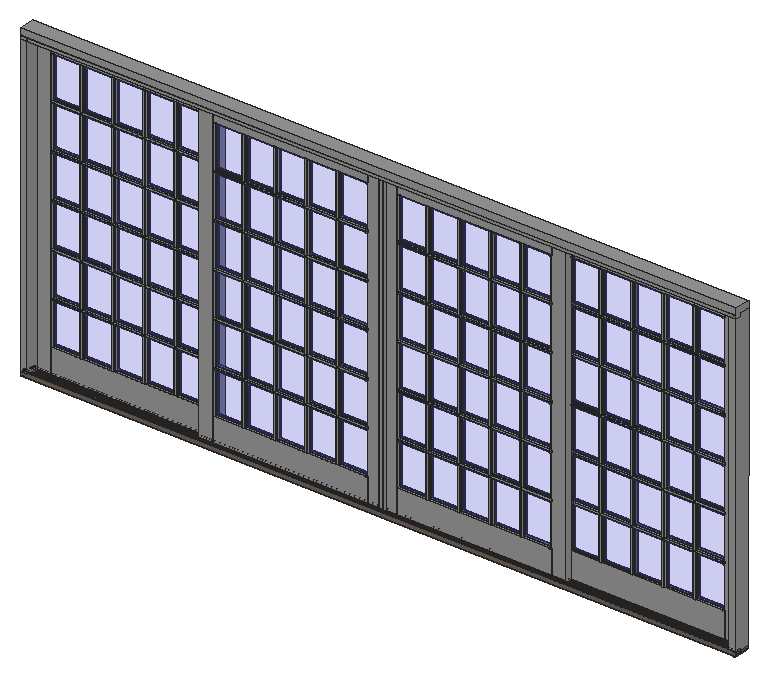
Revit family "VSDA4.8SPCO", category Doors, host Wall, Revit 2015 (continued)
Forms (mm)
  Sweep 59, solid, material "Lauan, Meranti"
    profile origin (-1038.75, -121.5, 1365) x (0, 0, -1) y (0, -1, 0)
      loop
        line (9, -124.5) -> (0, -124.5) -> (0, -132.5)
        arc (0, -132.5) -> (4.67, -130.866) -> (7, -126.5) r 6.807
        line (7, -126.5) -> (9, -126.5) -> (9, -124.5)
  Sweep 60, solid, material "Lauan, Meranti"
    path origin (-413.605, -121.5, -1375.763) x (-1, 0, 0) y (0, 0, -1)
      loop
        line (315.895, -2740.763) -> (513.395, -2740.763) -> (513.395, -2456.763) -> (315.895, -2456.763) -> (315.895, -2740.763)
    profile origin (-828.25, -121.5, 1365) x (0, 0, -1) y (0, -1, 0)
      loop
        line (9, -124.5) -> (0, -124.5) -> (0, -132.5)
        arc (0, -132.5) -> (4.67, -130.866) -> (7, -126.5) r 6.807
        line (7, -126.5) -> (9, -126.5) -> (9, -124.5)
  Sweep 61, solid, material "Lauan, Meranti"
    path origin (-203.105, -121.5, -1375.763) x (-1, 0, 0) y (0, 0, -1)
      loop
        line (315.895, -2740.763) -> (513.395, -2740.763) -> (513.395, -2456.763) -> (315.895, -2456.763) -> (315.895, -2740.763)
    profile origin (-617.75, -121.5, 1365) x (0, 0, -1) y (0, -1, 0)
      loop
        line (9, -124.5) -> (0, -124.5) -> (0, -132.5)
        arc (0, -132.5) -> (4.67, -130.866) -> (7, -126.5) r 6.807
        line (7, -126.5) -> (9, -126.5) -> (9, -124.5)
  Sweep 62, solid, material "Lauan, Meranti"
    path origin (7.395, -121.5, -1375.763) x (-1, 0, 0) y (0, 0, -1)
      loop
        line (315.895, -2740.763) -> (513.395, -2740.763) -> (513.395, -2456.763) -> (315.895, -2456.763) -> (315.895, -2740.763)
    profile origin (-407.25, -121.5, 1365) x (0, 0, -1) y (0, -1, 0)
      loop
        line (9, -124.5) -> (0, -124.5) -> (0, -132.5)
        arc (0, -132.5) -> (4.67, -130.866) -> (7, -126.5) r 6.807
        line (7, -126.5) -> (9, -126.5) -> (9, -124.5)
  Sweep 63, solid, material "Lauan, Meranti"
    path origin (217.895, -121.5, -1375.763) x (-1, 0, 0) y (0, 0, -1)
      loop
        line (315.895, -2740.763) -> (513.395, -2740.763) -> (513.395, -2456.763) -> (315.895, -2456.763) -> (315.895, -2740.763)
    profile origin (-196.75, -121.5, 1365) x (0, 0, -1) y (0, -1, 0)
      loop
        line (9, -124.5) -> (0, -124.5) -> (0, -132.5)
        arc (0, -132.5) -> (4.67, -130.866) -> (7, -126.5) r 6.807
        line (7, -126.5) -> (9, -126.5) -> (9, -124.5)
  Sweep 64, solid, material "Lauan, Meranti"
    path origin (-624.105, -121.5, -1672.763) x (-1, 0, 0) y (0, 0, -1)
      loop
        line (315.895, -2740.763) -> (513.395, -2740.763) -> (513.395, -2456.763) -> (315.895, -2456.763) -> (315.895, -2740.763)
    profile origin (-1038.75, -121.5, 1068) x (0, 0, -1) y (0, -1, 0)
      loop
        line (9, -124.5) -> (0, -124.5) -> (0, -132.5)
        arc (0, -132.5) -> (4.67, -130.866) -> (7, -126.5) r 6.807
        line (7, -126.5) -> (9, -126.5) -> (9, -124.5)
  Sweep 65, solid, material "Lauan, Meranti"
    path origin (-413.605, -121.5, -1672.763) x (-1, 0, 0) y (0, 0, -1)
      loop
        line (315.895, -2740.763) -> (513.395, -2740.763) -> (513.395, -2456.763) -> (315.895, -2456.763) -> (315.895, -2740.763)
    profile origin (-828.25, -121.5, 1068) x (0, 0, -1) y (0, -1, 0)
      loop
        line (9, -124.5) -> (0, -124.5) -> (0, -132.5)
        arc (0, -132.5) -> (4.67, -130.866) -> (7, -126.5) r 6.807
        line (7, -126.5) -> (9, -126.5) -> (9, -124.5)
  Sweep 66, solid, material "Lauan, Meranti"
    path origin (-203.105, -121.5, -1672.763) x (-1, 0, 0) y (0, 0, -1)
      loop
        line (315.895, -2740.763) -> (513.395, -2740.763) -> (513.395, -2456.763) -> (315.895, -2456.763) -> (315.895, -2740.763)
    profile origin (-617.75, -121.5, 1068) x (0, 0, -1) y (0, -1, 0)
      loop
        line (9, -124.5) -> (0, -124.5) -> (0, -132.5)
        arc (0, -132.5) -> (4.67, -130.866) -> (7, -126.5) r 6.807
        line (7, -126.5) -> (9, -126.5) -> (9, -124.5)
  Sweep 67, solid, material "Lauan, Meranti"
    path origin (7.395, -121.5, -1672.763) x (-1, 0, 0) y (0, 0, -1)
      loop
        line (315.895, -2740.763) -> (513.395, -2740.763) -> (513.395, -2456.763) -> (315.895, -2456.763) -> (315.895, -2740.763)
    profile origin (-407.25, -121.5, 1068) x (0, 0, -1) y (0, -1, 0)
      loop
        line (9, -124.5) -> (0, -124.5) -> (0, -132.5)
        arc (0, -132.5) -> (4.67, -130.866) -> (7, -126.5) r 6.807
        line (7, -126.5) -> (9, -126.5) -> (9, -124.5)
  Sweep 68, solid, material "Lauan, Meranti"
    path origin (217.895, -121.5, -1672.763) x (-1, 0, 0) y (0, 0, -1)
      loop
        line (315.895, -2740.763) -> (513.395, -2740.763) -> (513.395, -2456.763) -> (315.895, -2456.763) -> (315.895, -2740.763)
    profile origin (-196.75, -121.5, 1068) x (0, 0, -1) y (0, -1, 0)
      loop
        line (9, -124.5) -> (0, -124.5) -> (0, -132.5)
        arc (0, -132.5) -> (4.67, -130.866) -> (7, -126.5) r 6.807
        line (7, -126.5) -> (9, -126.5) -> (9, -124.5)
  Sweep 69, solid, material "Lauan, Meranti"
    path origin (-624.105, -121.5, -1969.763) x (-1, 0, 0) y (0, 0, -1)
      loop
        line (315.895, -2740.763) -> (513.395, -2740.763) -> (513.395, -2456.763) -> (315.895, -2456.763) -> (315.895, -2740.763)
    profile origin (-1038.75, -121.5, 771) x (0, 0, -1) y (0, -1, 0)
      loop
        line (9, -124.5) -> (0, -124.5) -> (0, -132.5)
        arc (0, -132.5) -> (4.67, -130.866) -> (7, -126.5) r 6.807
        line (7, -126.5) -> (9, -126.5) -> (9, -124.5)
  Sweep 70, solid, material "Lauan, Meranti"
    path origin (-413.605, -121.5, -1969.763) x (-1, 0, 0) y (0, 0, -1)
      loop
        line (315.895, -2740.763) -> (513.395, -2740.763) -> (513.395, -2456.763) -> (315.895, -2456.763) -> (315.895, -2740.763)
    profile origin (-828.25, -121.5, 771) x (0, 0, -1) y (0, -1, 0)
      loop
        line (9, -124.5) -> (0, -124.5) -> (0, -132.5)
        arc (0, -132.5) -> (4.67, -130.866) -> (7, -126.5) r 6.807
        line (7, -126.5) -> (9, -126.5) -> (9, -124.5)
  Sweep 71, solid, material "Lauan, Meranti"
    path origin (-203.105, -121.5, -1969.763) x (-1, 0, 0) y (0, 0, -1)
      loop
        line (315.895, -2740.763) -> (513.395, -2740.763) -> (513.395, -2456.763) -> (315.895, -2456.763) -> (315.895, -2740.763)
    profile origin (-617.75, -121.5, 771) x (0, 0, -1) y (0, -1, 0)
      loop
        line (9, -124.5) -> (0, -124.5) -> (0, -132.5)
        arc (0, -132.5) -> (4.67, -130.866) -> (7, -126.5) r 6.807
        line (7, -126.5) -> (9, -126.5) -> (9, -124.5)
  Sweep 72, solid, material "Lauan, Meranti"
    path origin (7.395, -121.5, -1969.763) x (-1, 0, 0) y (0, 0, -1)
      loop
        line (315.895, -2740.763) -> (513.395, -2740.763) -> (513.395, -2456.763) -> (315.895, -2456.763) -> (315.895, -2740.763)
    profile origin (-407.25, -121.5, 771) x (0, 0, -1) y (0, -1, 0)
      loop
        line (9, -124.5) -> (0, -124.5) -> (0, -132.5)
        arc (0, -132.5) -> (4.67, -130.866) -> (7, -126.5) r 6.807
        line (7, -126.5) -> (9, -126.5) -> (9, -124.5)
  Sweep 73, solid, material "Lauan, Meranti"
    path origin (217.895, -121.5, -1969.763) x (-1, 0, 0) y (0, 0, -1)
      loop
        line (315.895, -2740.763) -> (513.395, -2740.763) -> (513.395, -2456.763) -> (315.895, -2456.763) -> (315.895, -2740.763)
    profile origin (-196.75, -121.5, 771) x (0, 0, -1) y (0, -1, 0)
      loop
        line (9, -124.5) -> (0, -124.5) -> (0, -132.5)
        arc (0, -132.5) -> (4.67, -130.866) -> (7, -126.5) r 6.807
        line (7, -126.5) -> (9, -126.5) -> (9, -124.5)
  Sweep 74, solid, material "Lauan, Meranti"
    path origin (-624.105, -121.5, -2266.763) x (-1, 0, 0) y (0, 0, -1)
      loop
        line (315.895, -2740.763) -> (513.395, -2740.763) -> (513.395, -2456.763) -> (315.895, -2456.763) -> (315.895, -2740.763)
    profile origin (-1038.75, -121.5, 474) x (0, 0, -1) y (0, -1, 0)
      loop
        line (9, -124.5) -> (0, -124.5) -> (0, -132.5)
        arc (0, -132.5) -> (4.67, -130.866) -> (7, -126.5) r 6.807
        line (7, -126.5) -> (9, -126.5) -> (9, -124.5)
  Sweep 75, solid, material "Lauan, Meranti"
    path origin (-413.605, -121.5, -2266.763) x (-1, 0, 0) y (0, 0, -1)
      loop
        line (315.895, -2740.763) -> (513.395, -2740.763) -> (513.395, -2456.763) -> (315.895, -2456.763) -> (315.895, -2740.763)
    profile origin (-828.25, -121.5, 474) x (0, 0, -1) y (0, -1, 0)
      loop
        line (9, -124.5) -> (0, -124.5) -> (0, -132.5)
        arc (0, -132.5) -> (4.67, -130.866) -> (7, -126.5) r 6.807
        line (7, -126.5) -> (9, -126.5) -> (9, -124.5)
  Sweep 76, solid, material "Lauan, Meranti"
    path origin (-203.105, -121.5, -2266.763) x (-1, 0, 0) y (0, 0, -1)
      loop
        line (315.895, -2740.763) -> (513.395, -2740.763) -> (513.395, -2456.763) -> (315.895, -2456.763) -> (315.895, -2740.763)
    profile origin (-617.75, -121.5, 474) x (0, 0, -1) y (0, -1, 0)
      loop
        line (9, -124.5) -> (0, -124.5) -> (0, -132.5)
        arc (0, -132.5) -> (4.67, -130.866) -> (7, -126.5) r 6.807
        line (7, -126.5) -> (9, -126.5) -> (9, -124.5)
  Sweep 77, solid, material "Lauan, Meranti"
    path origin (7.395, -121.5, -2266.763) x (-1, 0, 0) y (0, 0, -1)
      loop
        line (315.895, -2740.763) -> (513.395, -2740.763) -> (513.395, -2456.763) -> (315.895, -2456.763) -> (315.895, -2740.763)
    profile origin (-407.25, -121.5, 474) x (0, 0, -1) y (0, -1, 0)
      loop
        line (9, -124.5) -> (0, -124.5) -> (0, -132.5)
        arc (0, -132.5) -> (4.67, -130.866) -> (7, -126.5) r 6.807
        line (7, -126.5) -> (9, -126.5) -> (9, -124.5)
  Sweep 78, solid, material "Lauan, Meranti"
    path origin (217.895, -121.5, -2266.763) x (-1, 0, 0) y (0, 0, -1)
      loop
        line (315.895, -2740.763) -> (513.395, -2740.763) -> (513.395, -2456.763) -> (315.895, -2456.763) -> (315.895, -2740.763)
    profile origin (-196.75, -121.5, 474) x (0, 0, -1) y (0, -1, 0)
      loop
        line (9, -124.5) -> (0, -124.5) -> (0, -132.5)
        arc (0, -132.5) -> (4.67, -130.866) -> (7, -126.5) r 6.807
        line (7, -126.5) -> (9, -126.5) -> (9, -124.5)
  Extrusion 79, solid, material "Lauan, Meranti"
    sketch origin (-368.5, -46.5, 0) x (-1, 0, 0) y (0, -1, 0)
      loop
        line (-73, -31) -> (-73, -33)
        arc (-73, -33) -> (-77.67, -34.634) -> (-80, -39) r 6.807
        line (-80, -39) -> (-82, -39) -> (-82, -41) -> (-73, -41) -> (-73, -71) -> (-60, -71) -> (-60, -41) -> (-51, -41) -> (-51, -39) -> (-53, -39)
        arc (-53, -39) -> (-55.33, -34.634) -> (-60, -33) r 6.807
        line (-60, -33) -> (-60, -31) -> (-73, -31)
      loop
        line (137.5, -31) -> (137.5, -33)
        arc (137.5, -33) -> (132.83, -34.634) -> (130.5, -39) r 6.807
        line (130.5, -39) -> (128.5, -39) -> (128.5, -41) -> (137.5, -41) -> (137.5, -71) -> (150.5, -71) -> (150.5, -41) -> (159.5, -41) -> (159.5, -39) -> (157.5, -39)
        arc (157.5, -39) -> (155.17, -34.634) -> (150.5, -33) r 6.807
        line (150.5, -33) -> (150.5, -31) -> (137.5, -31)
      loop
        line (348, -31) -> (348, -33)
        arc (348, -33) -> (343.33, -34.634) -> (341, -39) r 6.807
        line (341, -39) -> (339, -39) -> (339, -41) -> (348, -41) -> (348, -71) -> (361, -71) -> (361, -41) -> (370, -41) -> (370, -39) -> (368, -39)
        arc (368, -39) -> (365.67, -34.634) -> (361, -33) r 6.807
        line (361, -33) -> (361, -31) -> (348, -31)
      loop
        line (558.5, -31) -> (558.5, -33)
        arc (558.5, -33) -> (553.83, -34.634) -> (551.5, -39) r 6.807
        line (551.5, -39) -> (549.5, -39) -> (549.5, -41) -> (558.5, -41) -> (558.5, -71) -> (571.5, -71) -> (571.5, -41) -> (580.5, -41) -> (580.5, -39) -> (578.5, -39)
        arc (578.5, -39) -> (576.17, -34.634) -> (571.5, -33) r 6.807
        line (571.5, -33) -> (571.5, -31) -> (558.5, -31)
    from 1675 to 1959
  Extrusion 80, solid, material "Lauan, Meranti"
    sketch origin (-368.5, -46.5, -297) x (-1, 0, 0) y (0, -1, 0)
      loop
        line (-73, -31) -> (-73, -33)
        arc (-73, -33) -> (-77.67, -34.634) -> (-80, -39) r 6.807
        line (-80, -39) -> (-82, -39) -> (-82, -41) -> (-73, -41) -> (-73, -71) -> (-60, -71) -> (-60, -41) -> (-51, -41) -> (-51, -39) -> (-53, -39)
        arc (-53, -39) -> (-55.33, -34.634) -> (-60, -33) r 6.807
        line (-60, -33) -> (-60, -31) -> (-73, -31)
      loop
        line (137.5, -31) -> (137.5, -33)
        arc (137.5, -33) -> (132.83, -34.634) -> (130.5, -39) r 6.807
        line (130.5, -39) -> (128.5, -39) -> (128.5, -41) -> (137.5, -41) -> (137.5, -71) -> (150.5, -71) -> (150.5, -41) -> (159.5, -41) -> (159.5, -39) -> (157.5, -39)
        arc (157.5, -39) -> (155.17, -34.634) -> (150.5, -33) r 6.807
        line (150.5, -33) -> (150.5, -31) -> (137.5, -31)
      loop
        line (348, -31) -> (348, -33)
        arc (348, -33) -> (343.33, -34.634) -> (341, -39) r 6.807
        line (341, -39) -> (339, -39) -> (339, -41) -> (348, -41) -> (348, -71) -> (361, -71) -> (361, -41) -> (370, -41) -> (370, -39) -> (368, -39)
        arc (368, -39) -> (365.67, -34.634) -> (361, -33) r 6.807
        line (361, -33) -> (361, -31) -> (348, -31)
      loop
        line (558.5, -31) -> (558.5, -33)
        arc (558.5, -33) -> (553.83, -34.634) -> (551.5, -39) r 6.807
        line (551.5, -39) -> (549.5, -39) -> (549.5, -41) -> (558.5, -41) -> (558.5, -71) -> (571.5, -71) -> (571.5, -41) -> (580.5, -41) -> (580.5, -39) -> (578.5, -39)
        arc (578.5, -39) -> (576.17, -34.634) -> (571.5, -33) r 6.807
        line (571.5, -33) -> (571.5, -31) -> (558.5, -31)
    from 1675 to 1959
  Extrusion 81, solid, material "Lauan, Meranti"
    sketch origin (-368.5, -46.5, -594) x (-1, 0, 0) y (0, -1, 0)
      loop
        line (-73, -31) -> (-73, -33)
        arc (-73, -33) -> (-77.67, -34.634) -> (-80, -39) r 6.807
        line (-80, -39) -> (-82, -39) -> (-82, -41) -> (-73, -41) -> (-73, -71) -> (-60, -71) -> (-60, -41) -> (-51, -41) -> (-51, -39) -> (-53, -39)
        arc (-53, -39) -> (-55.33, -34.634) -> (-60, -33) r 6.807
        line (-60, -33) -> (-60, -31) -> (-73, -31)
      loop
        line (137.5, -31) -> (137.5, -33)
        arc (137.5, -33) -> (132.83, -34.634) -> (130.5, -39) r 6.807
        line (130.5, -39) -> (128.5, -39) -> (128.5, -41) -> (137.5, -41) -> (137.5, -71) -> (150.5, -71) -> (150.5, -41) -> (159.5, -41) -> (159.5, -39) -> (157.5, -39)
        arc (157.5, -39) -> (155.17, -34.634) -> (150.5, -33) r 6.807
        line (150.5, -33) -> (150.5, -31) -> (137.5, -31)
      loop
        line (348, -31) -> (348, -33)
        arc (348, -33) -> (343.33, -34.634) -> (341, -39) r 6.807
        line (341, -39) -> (339, -39) -> (339, -41) -> (348, -41) -> (348, -71) -> (361, -71) -> (361, -41) -> (370, -41) -> (370, -39) -> (368, -39)
        arc (368, -39) -> (365.67, -34.634) -> (361, -33) r 6.807
        line (361, -33) -> (361, -31) -> (348, -31)
      loop
        line (558.5, -31) -> (558.5, -33)
        arc (558.5, -33) -> (553.83, -34.634) -> (551.5, -39) r 6.807
        line (551.5, -39) -> (549.5, -39) -> (549.5, -41) -> (558.5, -41) -> (558.5, -71) -> (571.5, -71) -> (571.5, -41) -> (580.5, -41) -> (580.5, -39) -> (578.5, -39)
        arc (578.5, -39) -> (576.17, -34.634) -> (571.5, -33) r 6.807
        line (571.5, -33) -> (571.5, -31) -> (558.5, -31)
    from 1675 to 1959
  Extrusion 82, solid, material "Lauan, Meranti"
    sketch origin (-368.5, -46.5, -891) x (-1, 0, 0) y (0, -1, 0)
      loop
        line (-73, -31) -> (-73, -33)
        arc (-73, -33) -> (-77.67, -34.634) -> (-80, -39) r 6.807
        line (-80, -39) -> (-82, -39) -> (-82, -41) -> (-73, -41) -> (-73, -71) -> (-60, -71) -> (-60, -41) -> (-51, -41) -> (-51, -39) -> (-53, -39)
        arc (-53, -39) -> (-55.33, -34.634) -> (-60, -33) r 6.807
        line (-60, -33) -> (-60, -31) -> (-73, -31)
      loop
        line (137.5, -31) -> (137.5, -33)
        arc (137.5, -33) -> (132.83, -34.634) -> (130.5, -39) r 6.807
        line (130.5, -39) -> (128.5, -39) -> (128.5, -41) -> (137.5, -41) -> (137.5, -71) -> (150.5, -71) -> (150.5, -41) -> (159.5, -41) -> (159.5, -39) -> (157.5, -39)
        arc (157.5, -39) -> (155.17, -34.634) -> (150.5, -33) r 6.807
        line (150.5, -33) -> (150.5, -31) -> (137.5, -31)
      loop
        line (348, -31) -> (348, -33)
        arc (348, -33) -> (343.33, -34.634) -> (341, -39) r 6.807
        line (341, -39) -> (339, -39) -> (339, -41) -> (348, -41) -> (348, -71) -> (361, -71) -> (361, -41) -> (370, -41) -> (370, -39) -> (368, -39)
        arc (368, -39) -> (365.67, -34.634) -> (361, -33) r 6.807
        line (361, -33) -> (361, -31) -> (348, -31)
      loop
        line (558.5, -31) -> (558.5, -33)
        arc (558.5, -33) -> (553.83, -34.634) -> (551.5, -39) r 6.807
        line (551.5, -39) -> (549.5, -39) -> (549.5, -41) -> (558.5, -41) -> (558.5, -71) -> (571.5, -71) -> (571.5, -41) -> (580.5, -41) -> (580.5, -39) -> (578.5, -39)
        arc (578.5, -39) -> (576.17, -34.634) -> (571.5, -33) r 6.807
        line (571.5, -33) -> (571.5, -31) -> (558.5, -31)
    from 1675 to 1959
  Extrusion 83, solid, material "Lauan, Meranti"
    sketch origin (-368.5, -46.5, -1188) x (-1, 0, 0) y (0, -1, 0)
      loop
        line (-73, -31) -> (-73, -33)
        arc (-73, -33) -> (-77.67, -34.634) -> (-80, -39) r 6.807
        line (-80, -39) -> (-82, -39) -> (-82, -41) -> (-73, -41) -> (-73, -71) -> (-60, -71) -> (-60, -41) -> (-51, -41) -> (-51, -39) -> (-53, -39)
        arc (-53, -39) -> (-55.33, -34.634) -> (-60, -33) r 6.807
        line (-60, -33) -> (-60, -31) -> (-73, -31)
      loop
        line (137.5, -31) -> (137.5, -33)
        arc (137.5, -33) -> (132.83, -34.634) -> (130.5, -39) r 6.807
        line (130.5, -39) -> (128.5, -39) -> (128.5, -41) -> (137.5, -41) -> (137.5, -71) -> (150.5, -71) -> (150.5, -41) -> (159.5, -41) -> (159.5, -39) -> (157.5, -39)
        arc (157.5, -39) -> (155.17, -34.634) -> (150.5, -33) r 6.807
        line (150.5, -33) -> (150.5, -31) -> (137.5, -31)
      loop
        line (348, -31) -> (348, -33)
        arc (348, -33) -> (343.33, -34.634) -> (341, -39) r 6.807
        line (341, -39) -> (339, -39) -> (339, -41) -> (348, -41) -> (348, -71) -> (361, -71) -> (361, -41) -> (370, -41) -> (370, -39) -> (368, -39)
        arc (368, -39) -> (365.67, -34.634) -> (361, -33) r 6.807
        line (361, -33) -> (361, -31) -> (348, -31)
      loop
        line (558.5, -31) -> (558.5, -33)
        arc (558.5, -33) -> (553.83, -34.634) -> (551.5, -39) r 6.807
        line (551.5, -39) -> (549.5, -39) -> (549.5, -41) -> (558.5, -41) -> (558.5, -71) -> (571.5, -71) -> (571.5, -41) -> (580.5, -41) -> (580.5, -39) -> (578.5, -39)
        arc (578.5, -39) -> (576.17, -34.634) -> (571.5, -33) r 6.807
        line (571.5, -33) -> (571.5, -31) -> (558.5, -31)
    from 1675 to 1959
  Extrusion 84, solid, material "Lauan, Meranti"
    sketch origin (-368.5, -46.5, -1485) x (-1, 0, 0) y (0, -1, 0)
      loop
        line (-73, -31) -> (-73, -33)
        arc (-73, -33) -> (-77.67, -34.634) -> (-80, -39) r 6.807
        line (-80, -39) -> (-82, -39) -> (-82, -41) -> (-73, -41) -> (-73, -71) -> (-60, -71) -> (-60, -41) -> (-51, -41) -> (-51, -39) -> (-53, -39)
        arc (-53, -39) -> (-55.33, -34.634) -> (-60, -33) r 6.807
        line (-60, -33) -> (-60, -31) -> (-73, -31)
      loop
        line (137.5, -31) -> (137.5, -33)
        arc (137.5, -33) -> (132.83, -34.634) -> (130.5, -39) r 6.807
        line (130.5, -39) -> (128.5, -39) -> (128.5, -41) -> (137.5, -41) -> (137.5, -71) -> (150.5, -71) -> (150.5, -41) -> (159.5, -41) -> (159.5, -39) -> (157.5, -39)
        arc (157.5, -39) -> (155.17, -34.634) -> (150.5, -33) r 6.807
        line (150.5, -33) -> (150.5, -31) -> (137.5, -31)
      loop
        line (348, -31) -> (348, -33)
        arc (348, -33) -> (343.33, -34.634) -> (341, -39) r 6.807
        line (341, -39) -> (339, -39) -> (339, -41) -> (348, -41) -> (348, -71) -> (361, -71) -> (361, -41) -> (370, -41) -> (370, -39) -> (368, -39)
        arc (368, -39) -> (365.67, -34.634) -> (361, -33) r 6.807
        line (361, -33) -> (361, -31) -> (348, -31)
      loop
        line (558.5, -31) -> (558.5, -33)
        arc (558.5, -33) -> (553.83, -34.634) -> (551.5, -39) r 6.807
        line (551.5, -39) -> (549.5, -39) -> (549.5, -41) -> (558.5, -41) -> (558.5, -71) -> (571.5, -71) -> (571.5, -41) -> (580.5, -41) -> (580.5, -39) -> (578.5, -39)
        arc (578.5, -39) -> (576.17, -34.634) -> (571.5, -33) r 6.807
        line (571.5, -33) -> (571.5, -31) -> (558.5, -31)
    from 1675 to 1959
  Extrusion 85, solid, material "Lauan, Meranti"
    sketch origin (2515, 46.5, 0) x (0, 1, 0) y (0, 0, 1)
      loop
        line (-15.5, 190) -> (-15.5, 19) -> (24.5, 19) -> (24.5, 190) -> (-5.5, 190) -> (-5.5, 199) -> (-7.5, 199) -> (-7.5, 197)
        arc (-7.5, 197) -> (-11.866, 194.67) -> (-13.5, 190) r 6.807
        line (-13.5, 190) -> (-15.5, 190)
      loop
        line (-7.5, 1952) -> (-7.5, 1950) -> (-5.5, 1950) -> (-5.5, 1959) -> (24.5, 1959) -> (24.5, 2055) -> (-15.5, 2055) -> (-15.5, 1959) -> (-13.5, 1959)
        arc (-13.5, 1959) -> (-11.866, 1954.33) -> (-7.5, 1952) r 6.807
      loop
        line (-15.5, 1675) -> (-15.5, 1662) -> (-13.5, 1662)
        arc (-13.5, 1662) -> (-11.866, 1657.33) -> (-7.5, 1655) r 6.807
        line (-7.5, 1655) -> (-7.5, 1653) -> (-5.5, 1653) -> (-5.5, 1662) -> (24.5, 1662) -> (24.5, 1675) -> (-5.5, 1675) -> (-5.5, 1684) -> (-7.5, 1684) -> (-7.5, 1682)
        arc (-7.5, 1682) -> (-11.866, 1679.67) -> (-13.5, 1675) r 6.807
        line (-13.5, 1675) -> (-15.5, 1675)
      loop
        line (-15.5, 1378) -> (-15.5, 1365) -> (-13.5, 1365)
        arc (-13.5, 1365) -> (-11.866, 1360.33) -> (-7.5, 1358) r 6.807
        line (-7.5, 1358) -> (-7.5, 1356) -> (-5.5, 1356) -> (-5.5, 1365) -> (24.5, 1365) -> (24.5, 1378) -> (-5.5, 1378) -> (-5.5, 1387) -> (-7.5, 1387) -> (-7.5, 1385)
        arc (-7.5, 1385) -> (-11.866, 1382.67) -> (-13.5, 1378) r 6.807
        line (-13.5, 1378) -> (-15.5, 1378)
      loop
        line (-15.5, 1081) -> (-15.5, 1068) -> (-13.5, 1068)
        arc (-13.5, 1068) -> (-11.866, 1063.33) -> (-7.5, 1061) r 6.807
        line (-7.5, 1061) -> (-7.5, 1059) -> (-5.5, 1059) -> (-5.5, 1068) -> (24.5, 1068) -> (24.5, 1081) -> (-5.5, 1081) -> (-5.5, 1090) -> (-7.5, 1090) -> (-7.5, 1088)
        arc (-7.5, 1088) -> (-11.866, 1085.67) -> (-13.5, 1081) r 6.807
        line (-13.5, 1081) -> (-15.5, 1081)
      loop
        line (-15.5, 784) -> (-15.5, 771) -> (-13.5, 771)
        arc (-13.5, 771) -> (-11.866, 766.33) -> (-7.5, 764) r 6.807
        line (-7.5, 764) -> (-7.5, 762) -> (-5.5, 762) -> (-5.5, 771) -> (24.5, 771) -> (24.5, 784) -> (-5.5, 784) -> (-5.5, 793) -> (-7.5, 793) -> (-7.5, 791)
        arc (-7.5, 791) -> (-11.866, 788.67) -> (-13.5, 784) r 6.807
        line (-13.5, 784) -> (-15.5, 784)
      loop
        line (-15.5, 487) -> (-15.5, 474) -> (-13.5, 474)
        arc (-13.5, 474) -> (-11.866, 469.33) -> (-7.5, 467) r 6.807
        line (-7.5, 467) -> (-7.5, 465) -> (-5.5, 465) -> (-5.5, 474) -> (24.5, 474) -> (24.5, 487) -> (-5.5, 487) -> (-5.5, 496) -> (-7.5, 496) -> (-7.5, 494)
        arc (-7.5, 494) -> (-11.866, 491.67) -> (-13.5, 487) r 6.807
        line (-13.5, 487) -> (-15.5, 487)
    from -1290.5 to -251
  Sweep 86, solid, material "Lauan, Meranti"
    path origin (1750.605, -75, -781.763) x (1, 0, 0) y (0, 0, 1)
      loop
        line (315.895, 2740.763) -> (315.895, 2456.763) -> (513.395, 2456.763) -> (513.395, 2740.763) -> (315.895, 2740.763)
    profile origin (2165.25, -75, 1959) x (0, 0, 1) y (0, -1, 0)
      loop
        line (-9, -124.5) -> (-9, -126.5) -> (-7, -126.5)
        arc (-7, -126.5) -> (-4.67, -130.866) -> (0, -132.5) r 6.807
        line (0, -132.5) -> (0, -124.5) -> (-9, -124.5)
  Extrusion 87, solid, material "Lauan, Meranti"
    sketch origin (1495, 0, 0) x (1, 0, 0) y (0, 1, 0)
      loop
        line (-73, 31) -> (-60, 31) -> (-60, 33)
        arc (-60, 33) -> (-55.33, 34.634) -> (-53, 39) r 6.807
        line (-53, 39) -> (-51, 39) -> (-51, 41) -> (-60, 41) -> (-60, 71) -> (-73, 71) -> (-73, 41) -> (-82, 41) -> (-82, 39) -> (-80, 39)
        arc (-80, 39) -> (-77.67, 34.634) -> (-73, 33) r 6.807
        line (-73, 33) -> (-73, 31)
      loop
        line (137.5, 31) -> (150.5, 31) -> (150.5, 33)
        arc (150.5, 33) -> (155.17, 34.634) -> (157.5, 39) r 6.807
        line (157.5, 39) -> (159.5, 39) -> (159.5, 41) -> (150.5, 41) -> (150.5, 71) -> (137.5, 71) -> (137.5, 41) -> (128.5, 41) -> (128.5, 39) -> (130.5, 39)
        arc (130.5, 39) -> (132.83, 34.634) -> (137.5, 33) r 6.807
        line (137.5, 33) -> (137.5, 31)
      loop
        line (348, 31) -> (361, 31) -> (361, 33)
        arc (361, 33) -> (365.67, 34.634) -> (368, 39) r 6.807
        line (368, 39) -> (370, 39) -> (370, 41) -> (361, 41) -> (361, 71) -> (348, 71) -> (348, 41) -> (339, 41) -> (339, 39) -> (341, 39)
        arc (341, 39) -> (343.33, 34.634) -> (348, 33) r 6.807
        line (348, 33) -> (348, 31)
      loop
        line (558.5, 31) -> (571.5, 31) -> (571.5, 33)
        arc (571.5, 33) -> (576.17, 34.634) -> (578.5, 39) r 6.807
        line (578.5, 39) -> (580.5, 39) -> (580.5, 41) -> (571.5, 41) -> (571.5, 71) -> (558.5, 71) -> (558.5, 41) -> (549.5, 41) -> (549.5, 39) -> (551.5, 39)
        arc (551.5, 39) -> (553.83, 34.634) -> (558.5, 33) r 6.807
        line (558.5, 33) -> (558.5, 31)
    from 1675 to 1959
  Extrusion 88, solid, material "Glass"
    sketch origin (1180, 48.434, 0) x (1, 0, 0) y (0, 0, 1)
      loop
        line (44.5, 1959) -> (44.5, 1675) -> (242, 1675) -> (242, 1959) -> (44.5, 1959)
      loop
        line (255, 1959) -> (255, 1675) -> (452.5, 1675) -> (452.5, 1959) -> (255, 1959)
      loop
        line (465.5, 1959) -> (465.5, 1675) -> (663, 1675) -> (663, 1959) -> (465.5, 1959)
      loop
        line (676.01, 1958.989) -> (676.01, 1675) -> (873.5, 1675) -> (873.5, 1958.989) -> (676.01, 1958.989)
      loop
        line (886.5, 1959) -> (886.5, 1675.011) -> (1083.99, 1675.011) -> (1083.99, 1959) -> (886.5, 1959)
      loop
        line (44.5, 1662) -> (44.5, 1378) -> (242, 1378) -> (242, 1662) -> (44.5, 1662)
      loop
        line (255, 1662) -> (255, 1378) -> (452.5, 1378) -> (452.5, 1662) -> (255, 1662)
      loop
        line (465.5, 1662) -> (465.5, 1378) -> (663, 1378) -> (663, 1662) -> (465.5, 1662)
      loop
        line (676.01, 1661.989) -> (676.01, 1378) -> (873.5, 1378) -> (873.5, 1661.989) -> (676.01, 1661.989)
      loop
        line (886.5, 1662) -> (886.5, 1378.011) -> (1083.99, 1378.011) -> (1083.99, 1662) -> (886.5, 1662)
      loop
        line (44.5, 1365) -> (44.5, 1081) -> (242, 1081) -> (242, 1365) -> (44.5, 1365)
      loop
        line (255, 1365) -> (255, 1081) -> (452.5, 1081) -> (452.5, 1365) -> (255, 1365)
      loop
        line (465.5, 1365) -> (465.5, 1081) -> (663, 1081) -> (663, 1365) -> (465.5, 1365)
      loop
        line (676.01, 1364.989) -> (676.01, 1081) -> (873.5, 1081) -> (873.5, 1364.989) -> (676.01, 1364.989)
      loop
        line (886.5, 1365) -> (886.5, 1081.011) -> (1083.99, 1081.011) -> (1083.99, 1365) -> (886.5, 1365)
      loop
        line (44.5, 1068) -> (44.5, 784) -> (242, 784) -> (242, 1068) -> (44.5, 1068)
      loop
        line (255, 1068) -> (255, 784) -> (452.5, 784) -> (452.5, 1068) -> (255, 1068)
      loop
        line (465.5, 1068) -> (465.5, 784) -> (663, 784) -> (663, 1068) -> (465.5, 1068)
      loop
        line (676.01, 1067.989) -> (676.01, 784) -> (873.5, 784) -> (873.5, 1067.989) -> (676.01, 1067.989)
      loop
        line (886.5, 1068) -> (886.5, 784.011) -> (1083.99, 784.011) -> (1083.99, 1068) -> (886.5, 1068)
      loop
        line (44.5, 771) -> (44.5, 487) -> (242, 487) -> (242, 771) -> (44.5, 771)
      loop
        line (255, 771) -> (255, 487) -> (452.5, 487) -> (452.5, 771) -> (255, 771)
      loop
        line (465.5, 771) -> (465.5, 487) -> (663, 487) -> (663, 771) -> (465.5, 771)
      loop
        line (676.01, 770.989) -> (676.01, 487) -> (873.5, 487) -> (873.5, 770.989) -> (676.01, 770.989)
      loop
        line (886.5, 771) -> (886.5, 487.011) -> (1083.99, 487.011) -> (1083.99, 771) -> (886.5, 771)
      loop
        line (44.5, 474) -> (44.5, 190) -> (242, 190) -> (242, 474) -> (44.5, 474)
      loop
        line (255, 474) -> (255, 190) -> (452.5, 190) -> (452.5, 474) -> (255, 474)
      loop
        line (465.5, 474) -> (465.5, 190) -> (663, 190) -> (663, 474) -> (465.5, 474)
      loop
        line (676.01, 473.989) -> (676.01, 190) -> (873.5, 190) -> (873.5, 473.989) -> (676.01, 473.989)
      loop
        line (886.5, 474) -> (886.5, 190.011) -> (1083.99, 190.011) -> (1083.99, 474) -> (886.5, 474)
    from 0 to 6.4
  Sweep 89, solid, material "Lauan, Meranti"
    path origin (1540.105, -75, -781.763) x (1, 0, 0) y (0, 0, 1)
      loop
        line (315.895, 2740.763) -> (315.895, 2456.763) -> (513.395, 2456.763) -> (513.395, 2740.763) -> (315.895, 2740.763)
    profile origin (1954.75, -75, 1959) x (0, 0, 1) y (0, -1, 0)
      loop
        line (-9, -124.5) -> (-9, -126.5) -> (-7, -126.5)
        arc (-7, -126.5) -> (-4.67, -130.866) -> (0, -132.5) r 6.807
        line (0, -132.5) -> (0, -124.5) -> (-9, -124.5)
  Sweep 90, solid, material "Lauan, Meranti"
    path origin (1329.605, -75, -781.763) x (1, 0, 0) y (0, 0, 1)
      loop
        line (315.895, 2740.763) -> (315.895, 2456.763) -> (513.395, 2456.763) -> (513.395, 2740.763) -> (315.895, 2740.763)
    profile origin (1744.25, -75, 1959) x (0, 0, 1) y (0, -1, 0)
      loop
        line (-9, -124.5) -> (-9, -126.5) -> (-7, -126.5)
        arc (-7, -126.5) -> (-4.67, -130.866) -> (0, -132.5) r 6.807
        line (0, -132.5) -> (0, -124.5) -> (-9, -124.5)
  Sweep 91, solid, material "Lauan, Meranti"
    path origin (1119.105, -75, -781.763) x (1, 0, 0) y (0, 0, 1)
      loop
        line (315.895, 2740.763) -> (315.895, 2456.763) -> (513.395, 2456.763) -> (513.395, 2740.763) -> (315.895, 2740.763)
    profile origin (1533.75, -75, 1959) x (0, 0, 1) y (0, -1, 0)
      loop
        line (-9, -124.5) -> (-9, -126.5) -> (-7, -126.5)
        arc (-7, -126.5) -> (-4.67, -130.866) -> (0, -132.5) r 6.807
        line (0, -132.5) -> (0, -124.5) -> (-9, -124.5)
  Sweep 92, solid, material "Lauan, Meranti"
    path origin (908.605, -75, -781.763) x (1, 0, 0) y (0, 0, 1)
      loop
        line (315.895, 2740.763) -> (315.895, 2456.763) -> (513.395, 2456.763) -> (513.395, 2740.763) -> (315.895, 2740.763)
    profile origin (1323.25, -75, 1959) x (0, 0, 1) y (0, -1, 0)
      loop
        line (-9, -124.5) -> (-9, -126.5) -> (-7, -126.5)
        arc (-7, -126.5) -> (-4.67, -130.866) -> (0, -132.5) r 6.807
        line (0, -132.5) -> (0, -124.5) -> (-9, -124.5)
  Sweep 93, solid, material "Lauan, Meranti"
    path origin (1750.605, -75, -1078.763) x (1, 0, 0) y (0, 0, 1)
      loop
        line (315.895, 2740.763) -> (315.895, 2456.763) -> (513.395, 2456.763) -> (513.395, 2740.763) -> (315.895, 2740.763)
    profile origin (2165.25, -75, 1662) x (0, 0, 1) y (0, -1, 0)
      loop
        line (-9, -124.5) -> (-9, -126.5) -> (-7, -126.5)
        arc (-7, -126.5) -> (-4.67, -130.866) -> (0, -132.5) r 6.807
        line (0, -132.5) -> (0, -124.5) -> (-9, -124.5)
  Extrusion 94, solid, material "Lauan, Meranti"
    sketch origin (1495, 0, -297) x (1, 0, 0) y (0, 1, 0)
      loop
        line (-73, 31) -> (-60, 31) -> (-60, 33)
        arc (-60, 33) -> (-55.33, 34.634) -> (-53, 39) r 6.807
        line (-53, 39) -> (-51, 39) -> (-51, 41) -> (-60, 41) -> (-60, 71) -> (-73, 71) -> (-73, 41) -> (-82, 41) -> (-82, 39) -> (-80, 39)
        arc (-80, 39) -> (-77.67, 34.634) -> (-73, 33) r 6.807
        line (-73, 33) -> (-73, 31)
      loop
        line (137.5, 31) -> (150.5, 31) -> (150.5, 33)
        arc (150.5, 33) -> (155.17, 34.634) -> (157.5, 39) r 6.807
        line (157.5, 39) -> (159.5, 39) -> (159.5, 41) -> (150.5, 41) -> (150.5, 71) -> (137.5, 71) -> (137.5, 41) -> (128.5, 41) -> (128.5, 39) -> (130.5, 39)
        arc (130.5, 39) -> (132.83, 34.634) -> (137.5, 33) r 6.807
        line (137.5, 33) -> (137.5, 31)
      loop
        line (348, 31) -> (361, 31) -> (361, 33)
        arc (361, 33) -> (365.67, 34.634) -> (368, 39) r 6.807
        line (368, 39) -> (370, 39) -> (370, 41) -> (361, 41) -> (361, 71) -> (348, 71) -> (348, 41) -> (339, 41) -> (339, 39) -> (341, 39)
        arc (341, 39) -> (343.33, 34.634) -> (348, 33) r 6.807
        line (348, 33) -> (348, 31)
      loop
        line (558.5, 31) -> (571.5, 31) -> (571.5, 33)
        arc (571.5, 33) -> (576.17, 34.634) -> (578.5, 39) r 6.807
        line (578.5, 39) -> (580.5, 39) -> (580.5, 41) -> (571.5, 41) -> (571.5, 71) -> (558.5, 71) -> (558.5, 41) -> (549.5, 41) -> (549.5, 39) -> (551.5, 39)
        arc (551.5, 39) -> (553.83, 34.634) -> (558.5, 33) r 6.807
        line (558.5, 33) -> (558.5, 31)
    from 1675 to 1959
  Sweep 95, solid, material "Lauan, Meranti"
    path origin (1540.105, -75, -1078.763) x (1, 0, 0) y (0, 0, 1)
      loop
        line (315.895, 2740.763) -> (315.895, 2456.763) -> (513.395, 2456.763) -> (513.395, 2740.763) -> (315.895, 2740.763)
    profile origin (1954.75, -75, 1662) x (0, 0, 1) y (0, -1, 0)
      loop
        line (-9, -124.5) -> (-9, -126.5) -> (-7, -126.5)
        arc (-7, -126.5) -> (-4.67, -130.866) -> (0, -132.5) r 6.807
        line (0, -132.5) -> (0, -124.5) -> (-9, -124.5)
  Sweep 96, solid, material "Lauan, Meranti"
    path origin (1329.605, -75, -1078.763) x (1, 0, 0) y (0, 0, 1)
      loop
        line (315.895, 2740.763) -> (315.895, 2456.763) -> (513.395, 2456.763) -> (513.395, 2740.763) -> (315.895, 2740.763)
    profile origin (1744.25, -75, 1662) x (0, 0, 1) y (0, -1, 0)
      loop
        line (-9, -124.5) -> (-9, -126.5) -> (-7, -126.5)
        arc (-7, -126.5) -> (-4.67, -130.866) -> (0, -132.5) r 6.807
        line (0, -132.5) -> (0, -124.5) -> (-9, -124.5)
  Sweep 97, solid, material "Lauan, Meranti"
    path origin (1119.105, -75, -1078.763) x (1, 0, 0) y (0, 0, 1)
      loop
        line (315.895, 2740.763) -> (315.895, 2456.763) -> (513.395, 2456.763) -> (513.395, 2740.763) -> (315.895, 2740.763)
    profile origin (1533.75, -75, 1662) x (0, 0, 1) y (0, -1, 0)
      loop
        line (-9, -124.5) -> (-9, -126.5) -> (-7, -126.5)
        arc (-7, -126.5) -> (-4.67, -130.866) -> (0, -132.5) r 6.807
        line (0, -132.5) -> (0, -124.5) -> (-9, -124.5)
  Sweep 98, solid, material "Lauan, Meranti"
    path origin (908.605, -75, -1078.763) x (1, 0, 0) y (0, 0, 1)
      loop
        line (315.895, 2740.763) -> (315.895, 2456.763) -> (513.395, 2456.763) -> (513.395, 2740.763) -> (315.895, 2740.763)
    profile origin (1323.25, -75, 1662) x (0, 0, 1) y (0, -1, 0)
      loop
        line (-9, -124.5) -> (-9, -126.5) -> (-7, -126.5)
        arc (-7, -126.5) -> (-4.67, -130.866) -> (0, -132.5) r 6.807
        line (0, -132.5) -> (0, -124.5) -> (-9, -124.5)
  Sweep 99, solid, material "Lauan, Meranti"
    path origin (1750.605, -75, -1375.763) x (1, 0, 0) y (0, 0, 1)
      loop
        line (315.895, 2740.763) -> (315.895, 2456.763) -> (513.395, 2456.763) -> (513.395, 2740.763) -> (315.895, 2740.763)
    profile origin (2165.25, -75, 1365) x (0, 0, 1) y (0, -1, 0)
      loop
        line (-9, -124.5) -> (-9, -126.5) -> (-7, -126.5)
        arc (-7, -126.5) -> (-4.67, -130.866) -> (0, -132.5) r 6.807
        line (0, -132.5) -> (0, -124.5) -> (-9, -124.5)
  Extrusion 100, solid, material "Lauan, Meranti"
    sketch origin (1495, 0, -594) x (1, 0, 0) y (0, 1, 0)
      loop
        line (-73, 31) -> (-60, 31) -> (-60, 33)
        arc (-60, 33) -> (-55.33, 34.634) -> (-53, 39) r 6.807
        line (-53, 39) -> (-51, 39) -> (-51, 41) -> (-60, 41) -> (-60, 71) -> (-73, 71) -> (-73, 41) -> (-82, 41) -> (-82, 39) -> (-80, 39)
        arc (-80, 39) -> (-77.67, 34.634) -> (-73, 33) r 6.807
        line (-73, 33) -> (-73, 31)
      loop
        line (137.5, 31) -> (150.5, 31) -> (150.5, 33)
        arc (150.5, 33) -> (155.17, 34.634) -> (157.5, 39) r 6.807
        line (157.5, 39) -> (159.5, 39) -> (159.5, 41) -> (150.5, 41) -> (150.5, 71) -> (137.5, 71) -> (137.5, 41) -> (128.5, 41) -> (128.5, 39) -> (130.5, 39)
        arc (130.5, 39) -> (132.83, 34.634) -> (137.5, 33) r 6.807
        line (137.5, 33) -> (137.5, 31)
      loop
        line (348, 31) -> (361, 31) -> (361, 33)
        arc (361, 33) -> (365.67, 34.634) -> (368, 39) r 6.807
        line (368, 39) -> (370, 39) -> (370, 41) -> (361, 41) -> (361, 71) -> (348, 71) -> (348, 41) -> (339, 41) -> (339, 39) -> (341, 39)
        arc (341, 39) -> (343.33, 34.634) -> (348, 33) r 6.807
        line (348, 33) -> (348, 31)
      loop
        line (558.5, 31) -> (571.5, 31) -> (571.5, 33)
        arc (571.5, 33) -> (576.17, 34.634) -> (578.5, 39) r 6.807
        line (578.5, 39) -> (580.5, 39) -> (580.5, 41) -> (571.5, 41) -> (571.5, 71) -> (558.5, 71) -> (558.5, 41) -> (549.5, 41) -> (549.5, 39) -> (551.5, 39)
        arc (551.5, 39) -> (553.83, 34.634) -> (558.5, 33) r 6.807
        line (558.5, 33) -> (558.5, 31)
    from 1675 to 1959
  Sweep 101, solid, material "Lauan, Meranti"
    path origin (1540.105, -75, -1375.763) x (1, 0, 0) y (0, 0, 1)
      loop
        line (315.895, 2740.763) -> (315.895, 2456.763) -> (513.395, 2456.763) -> (513.395, 2740.763) -> (315.895, 2740.763)
    profile origin (1954.75, -75, 1365) x (0, 0, 1) y (0, -1, 0)
      loop
        line (-9, -124.5) -> (-9, -126.5) -> (-7, -126.5)
        arc (-7, -126.5) -> (-4.67, -130.866) -> (0, -132.5) r 6.807
        line (0, -132.5) -> (0, -124.5) -> (-9, -124.5)
  Sweep 102, solid, material "Lauan, Meranti"
    path origin (1329.605, -75, -1375.763) x (1, 0, 0) y (0, 0, 1)
      loop
        line (315.895, 2740.763) -> (315.895, 2456.763) -> (513.395, 2456.763) -> (513.395, 2740.763) -> (315.895, 2740.763)
    profile origin (1744.25, -75, 1365) x (0, 0, 1) y (0, -1, 0)
      loop
        line (-9, -124.5) -> (-9, -126.5) -> (-7, -126.5)
        arc (-7, -126.5) -> (-4.67, -130.866) -> (0, -132.5) r 6.807
        line (0, -132.5) -> (0, -124.5) -> (-9, -124.5)
  Sweep 103, solid, material "Lauan, Meranti"
    path origin (1119.105, -75, -1375.763) x (1, 0, 0) y (0, 0, 1)
      loop
        line (315.895, 2740.763) -> (315.895, 2456.763) -> (513.395, 2456.763) -> (513.395, 2740.763) -> (315.895, 2740.763)
    profile origin (1533.75, -75, 1365) x (0, 0, 1) y (0, -1, 0)
      loop
        line (-9, -124.5) -> (-9, -126.5) -> (-7, -126.5)
        arc (-7, -126.5) -> (-4.67, -130.866) -> (0, -132.5) r 6.807
        line (0, -132.5) -> (0, -124.5) -> (-9, -124.5)
  Sweep 104, solid, material "Lauan, Meranti"
    path origin (908.605, -75, -1375.763) x (1, 0, 0) y (0, 0, 1)
      loop
        line (315.895, 2740.763) -> (315.895, 2456.763) -> (513.395, 2456.763) -> (513.395, 2740.763) -> (315.895, 2740.763)
    profile origin (1323.25, -75, 1365) x (0, 0, 1) y (0, -1, 0)
      loop
        line (-9, -124.5) -> (-9, -126.5) -> (-7, -126.5)
        arc (-7, -126.5) -> (-4.67, -130.866) -> (0, -132.5) r 6.807
        line (0, -132.5) -> (0, -124.5) -> (-9, -124.5)
  Sweep 105, solid, material "Lauan, Meranti"
    path origin (1750.605, -75, -1672.763) x (1, 0, 0) y (0, 0, 1)
      loop
        line (315.895, 2740.763) -> (315.895, 2456.763) -> (513.395, 2456.763) -> (513.395, 2740.763) -> (315.895, 2740.763)
    profile origin (2165.25, -75, 1068) x (0, 0, 1) y (0, -1, 0)
      loop
        line (-9, -124.5) -> (-9, -126.5) -> (-7, -126.5)
        arc (-7, -126.5) -> (-4.67, -130.866) -> (0, -132.5) r 6.807
        line (0, -132.5) -> (0, -124.5) -> (-9, -124.5)
  Extrusion 106, solid, material "Lauan, Meranti"
    sketch origin (1495, 0, -891) x (1, 0, 0) y (0, 1, 0)
      loop
        line (-73, 31) -> (-60, 31) -> (-60, 33)
        arc (-60, 33) -> (-55.33, 34.634) -> (-53, 39) r 6.807
        line (-53, 39) -> (-51, 39) -> (-51, 41) -> (-60, 41) -> (-60, 71) -> (-73, 71) -> (-73, 41) -> (-82, 41) -> (-82, 39) -> (-80, 39)
        arc (-80, 39) -> (-77.67, 34.634) -> (-73, 33) r 6.807
        line (-73, 33) -> (-73, 31)
      loop
        line (137.5, 31) -> (150.5, 31) -> (150.5, 33)
        arc (150.5, 33) -> (155.17, 34.634) -> (157.5, 39) r 6.807
        line (157.5, 39) -> (159.5, 39) -> (159.5, 41) -> (150.5, 41) -> (150.5, 71) -> (137.5, 71) -> (137.5, 41) -> (128.5, 41) -> (128.5, 39) -> (130.5, 39)
        arc (130.5, 39) -> (132.83, 34.634) -> (137.5, 33) r 6.807
        line (137.5, 33) -> (137.5, 31)
      loop
        line (348, 31) -> (361, 31) -> (361, 33)
        arc (361, 33) -> (365.67, 34.634) -> (368, 39) r 6.807
        line (368, 39) -> (370, 39) -> (370, 41) -> (361, 41) -> (361, 71) -> (348, 71) -> (348, 41) -> (339, 41) -> (339, 39) -> (341, 39)
        arc (341, 39) -> (343.33, 34.634) -> (348, 33) r 6.807
        line (348, 33) -> (348, 31)
      loop
        line (558.5, 31) -> (571.5, 31) -> (571.5, 33)
        arc (571.5, 33) -> (576.17, 34.634) -> (578.5, 39) r 6.807
        line (578.5, 39) -> (580.5, 39) -> (580.5, 41) -> (571.5, 41) -> (571.5, 71) -> (558.5, 71) -> (558.5, 41) -> (549.5, 41) -> (549.5, 39) -> (551.5, 39)
        arc (551.5, 39) -> (553.83, 34.634) -> (558.5, 33) r 6.807
        line (558.5, 33) -> (558.5, 31)
    from 1675 to 1959
  Sweep 107, solid, material "Lauan, Meranti"
    path origin (1540.105, -75, -1672.763) x (1, 0, 0) y (0, 0, 1)
      loop
        line (315.895, 2740.763) -> (315.895, 2456.763) -> (513.395, 2456.763) -> (513.395, 2740.763) -> (315.895, 2740.763)
    profile origin (1954.75, -75, 1068) x (0, 0, 1) y (0, -1, 0)
      loop
        line (-9, -124.5) -> (-9, -126.5) -> (-7, -126.5)
        arc (-7, -126.5) -> (-4.67, -130.866) -> (0, -132.5) r 6.807
        line (0, -132.5) -> (0, -124.5) -> (-9, -124.5)
  Sweep 108, solid, material "Lauan, Meranti"
    path origin (1329.605, -75, -1672.763) x (1, 0, 0) y (0, 0, 1)
      loop
        line (315.895, 2740.763) -> (315.895, 2456.763) -> (513.395, 2456.763) -> (513.395, 2740.763) -> (315.895, 2740.763)
    profile origin (1744.25, -75, 1068) x (0, 0, 1) y (0, -1, 0)
      loop
        line (-9, -124.5) -> (-9, -126.5) -> (-7, -126.5)
        arc (-7, -126.5) -> (-4.67, -130.866) -> (0, -132.5) r 6.807
        line (0, -132.5) -> (0, -124.5) -> (-9, -124.5)
  Sweep 109, solid, material "Lauan, Meranti"
    path origin (1119.105, -75, -1672.763) x (1, 0, 0) y (0, 0, 1)
      loop
        line (315.895, 2740.763) -> (315.895, 2456.763) -> (513.395, 2456.763) -> (513.395, 2740.763) -> (315.895, 2740.763)
    profile origin (1533.75, -75, 1068) x (0, 0, 1) y (0, -1, 0)
      loop
        line (-9, -124.5) -> (-9, -126.5) -> (-7, -126.5)
        arc (-7, -126.5) -> (-4.67, -130.866) -> (0, -132.5) r 6.807
        line (0, -132.5) -> (0, -124.5) -> (-9, -124.5)
  Sweep 110, solid, material "Lauan, Meranti"
    path origin (908.605, -75, -1672.763) x (1, 0, 0) y (0, 0, 1)
      loop
        line (315.895, 2740.763) -> (315.895, 2456.763) -> (513.395, 2456.763) -> (513.395, 2740.763) -> (315.895, 2740.763)
    profile origin (1323.25, -75, 1068) x (0, 0, 1) y (0, -1, 0)
      loop
        line (-9, -124.5) -> (-9, -126.5) -> (-7, -126.5)
        arc (-7, -126.5) -> (-4.67, -130.866) -> (0, -132.5) r 6.807
        line (0, -132.5) -> (0, -124.5) -> (-9, -124.5)
  Sweep 111, solid, material "Lauan, Meranti"
    path origin (1750.605, -75, -1969.763) x (1, 0, 0) y (0, 0, 1)
      loop
        line (315.895, 2740.763) -> (315.895, 2456.763) -> (513.395, 2456.763) -> (513.395, 2740.763) -> (315.895, 2740.763)
    profile origin (2165.25, -75, 771) x (0, 0, 1) y (0, -1, 0)
      loop
        line (-9, -124.5) -> (-9, -126.5) -> (-7, -126.5)
        arc (-7, -126.5) -> (-4.67, -130.866) -> (0, -132.5) r 6.807
        line (0, -132.5) -> (0, -124.5) -> (-9, -124.5)
  Extrusion 112, solid, material "Lauan, Meranti"
    sketch origin (1495, 0, -1188) x (1, 0, 0) y (0, 1, 0)
      loop
        line (-73, 31) -> (-60, 31) -> (-60, 33)
        arc (-60, 33) -> (-55.33, 34.634) -> (-53, 39) r 6.807
        line (-53, 39) -> (-51, 39) -> (-51, 41) -> (-60, 41) -> (-60, 71) -> (-73, 71) -> (-73, 41) -> (-82, 41) -> (-82, 39) -> (-80, 39)
        arc (-80, 39) -> (-77.67, 34.634) -> (-73, 33) r 6.807
        line (-73, 33) -> (-73, 31)
      loop
        line (137.5, 31) -> (150.5, 31) -> (150.5, 33)
        arc (150.5, 33) -> (155.17, 34.634) -> (157.5, 39) r 6.807
        line (157.5, 39) -> (159.5, 39) -> (159.5, 41) -> (150.5, 41) -> (150.5, 71) -> (137.5, 71) -> (137.5, 41) -> (128.5, 41) -> (128.5, 39) -> (130.5, 39)
        arc (130.5, 39) -> (132.83, 34.634) -> (137.5, 33) r 6.807
        line (137.5, 33) -> (137.5, 31)
      loop
        line (348, 31) -> (361, 31) -> (361, 33)
        arc (361, 33) -> (365.67, 34.634) -> (368, 39) r 6.807
        line (368, 39) -> (370, 39) -> (370, 41) -> (361, 41) -> (361, 71) -> (348, 71) -> (348, 41) -> (339, 41) -> (339, 39) -> (341, 39)
        arc (341, 39) -> (343.33, 34.634) -> (348, 33) r 6.807
        line (348, 33) -> (348, 31)
      loop
        line (558.5, 31) -> (571.5, 31) -> (571.5, 33)
        arc (571.5, 33) -> (576.17, 34.634) -> (578.5, 39) r 6.807
        line (578.5, 39) -> (580.5, 39) -> (580.5, 41) -> (571.5, 41) -> (571.5, 71) -> (558.5, 71) -> (558.5, 41) -> (549.5, 41) -> (549.5, 39) -> (551.5, 39)
        arc (551.5, 39) -> (553.83, 34.634) -> (558.5, 33) r 6.807
        line (558.5, 33) -> (558.5, 31)
    from 1675 to 1959
  Sweep 113, solid, material "Lauan, Meranti"
    path origin (1540.105, -75, -1969.763) x (1, 0, 0) y (0, 0, 1)
      loop
        line (315.895, 2740.763) -> (315.895, 2456.763) -> (513.395, 2456.763) -> (513.395, 2740.763) -> (315.895, 2740.763)
    profile origin (1954.75, -75, 771) x (0, 0, 1) y (0, -1, 0)
      loop
        line (-9, -124.5) -> (-9, -126.5) -> (-7, -126.5)
        arc (-7, -126.5) -> (-4.67, -130.866) -> (0, -132.5) r 6.807
        line (0, -132.5) -> (0, -124.5) -> (-9, -124.5)
  Sweep 114, solid, material "Lauan, Meranti"
    path origin (1329.605, -75, -1969.763) x (1, 0, 0) y (0, 0, 1)
      loop
        line (315.895, 2740.763) -> (315.895, 2456.763) -> (513.395, 2456.763) -> (513.395, 2740.763) -> (315.895, 2740.763)
    profile origin (1744.25, -75, 771) x (0, 0, 1) y (0, -1, 0)
      loop
        line (-9, -124.5) -> (-9, -126.5) -> (-7, -126.5)
        arc (-7, -126.5) -> (-4.67, -130.866) -> (0, -132.5) r 6.807
        line (0, -132.5) -> (0, -124.5) -> (-9, -124.5)
  Sweep 115, solid, material "Lauan, Meranti"
    path origin (1119.105, -75, -1969.763) x (1, 0, 0) y (0, 0, 1)
      loop
        line (315.895, 2740.763) -> (315.895, 2456.763) -> (513.395, 2456.763) -> (513.395, 2740.763) -> (315.895, 2740.763)
    profile origin (1533.75, -75, 771) x (0, 0, 1) y (0, -1, 0)
      loop
        line (-9, -124.5) -> (-9, -126.5) -> (-7, -126.5)
        arc (-7, -126.5) -> (-4.67, -130.866) -> (0, -132.5) r 6.807
        line (0, -132.5) -> (0, -124.5) -> (-9, -124.5)
  Sweep 116, solid, material "Lauan, Meranti"
    path origin (908.605, -75, -1969.763) x (1, 0, 0) y (0, 0, 1)
      loop
        line (315.895, 2740.763) -> (315.895, 2456.763) -> (513.395, 2456.763) -> (513.395, 2740.763) -> (315.895, 2740.763)
    profile origin (1323.25, -75, 771) x (0, 0, 1) y (0, -1, 0)
      loop
        line (-9, -124.5) -> (-9, -126.5) -> (-7, -126.5)
        arc (-7, -126.5) -> (-4.67, -130.866) -> (0, -132.5) r 6.807
        line (0, -132.5) -> (0, -124.5) -> (-9, -124.5)
  Sweep 117, solid, material "Lauan, Meranti"
    path origin (1750.605, -75, -2266.763) x (1, 0, 0) y (0, 0, 1)
      loop
        line (315.895, 2740.763) -> (315.895, 2456.763) -> (513.395, 2456.763) -> (513.395, 2740.763) -> (315.895, 2740.763)
    profile origin (2165.25, -75, 474) x (0, 0, 1) y (0, -1, 0)
      loop
        line (-9, -124.5) -> (-9, -126.5) -> (-7, -126.5)
        arc (-7, -126.5) -> (-4.67, -130.866) -> (0, -132.5) r 6.807
        line (0, -132.5) -> (0, -124.5) -> (-9, -124.5)
  Extrusion 118, solid, material "Lauan, Meranti"
    sketch origin (1495, 0, -1485) x (1, 0, 0) y (0, 1, 0)
      loop
        line (-73, 31) -> (-60, 31) -> (-60, 33)
        arc (-60, 33) -> (-55.33, 34.634) -> (-53, 39) r 6.807
        line (-53, 39) -> (-51, 39) -> (-51, 41) -> (-60, 41) -> (-60, 71) -> (-73, 71) -> (-73, 41) -> (-82, 41) -> (-82, 39) -> (-80, 39)
        arc (-80, 39) -> (-77.67, 34.634) -> (-73, 33) r 6.807
        line (-73, 33) -> (-73, 31)
      loop
        line (137.5, 31) -> (150.5, 31) -> (150.5, 33)
        arc (150.5, 33) -> (155.17, 34.634) -> (157.5, 39) r 6.807
        line (157.5, 39) -> (159.5, 39) -> (159.5, 41) -> (150.5, 41) -> (150.5, 71) -> (137.5, 71) -> (137.5, 41) -> (128.5, 41) -> (128.5, 39) -> (130.5, 39)
        arc (130.5, 39) -> (132.83, 34.634) -> (137.5, 33) r 6.807
        line (137.5, 33) -> (137.5, 31)
      loop
        line (348, 31) -> (361, 31) -> (361, 33)
        arc (361, 33) -> (365.67, 34.634) -> (368, 39) r 6.807
        line (368, 39) -> (370, 39) -> (370, 41) -> (361, 41) -> (361, 71) -> (348, 71) -> (348, 41) -> (339, 41) -> (339, 39) -> (341, 39)
        arc (341, 39) -> (343.33, 34.634) -> (348, 33) r 6.807
        line (348, 33) -> (348, 31)
      loop
        line (558.5, 31) -> (571.5, 31) -> (571.5, 33)
        arc (571.5, 33) -> (576.17, 34.634) -> (578.5, 39) r 6.807
        line (578.5, 39) -> (580.5, 39) -> (580.5, 41) -> (571.5, 41) -> (571.5, 71) -> (558.5, 71) -> (558.5, 41) -> (549.5, 41) -> (549.5, 39) -> (551.5, 39)
        arc (551.5, 39) -> (553.83, 34.634) -> (558.5, 33) r 6.807
        line (558.5, 33) -> (558.5, 31)
    from 1675 to 1959
  Sweep 119, solid, material "Lauan, Meranti"
    path origin (1540.105, -75, -2266.763) x (1, 0, 0) y (0, 0, 1)
      loop
        line (315.895, 2740.763) -> (315.895, 2456.763) -> (513.395, 2456.763) -> (513.395, 2740.763) -> (315.895, 2740.763)
    profile origin (1954.75, -75, 474) x (0, 0, 1) y (0, -1, 0)
      loop
        line (-9, -124.5) -> (-9, -126.5) -> (-7, -126.5)
        arc (-7, -126.5) -> (-4.67, -130.866) -> (0, -132.5) r 6.807
        line (0, -132.5) -> (0, -124.5) -> (-9, -124.5)
  Sweep 120, solid, material "Lauan, Meranti"
    path origin (1329.605, -75, -2266.763) x (1, 0, 0) y (0, 0, 1)
      loop
        line (315.895, 2740.763) -> (315.895, 2456.763) -> (513.395, 2456.763) -> (513.395, 2740.763) -> (315.895, 2740.763)
    profile origin (1744.25, -75, 474) x (0, 0, 1) y (0, -1, 0)
      loop
        line (-9, -124.5) -> (-9, -126.5) -> (-7, -126.5)
        arc (-7, -126.5) -> (-4.67, -130.866) -> (0, -132.5) r 6.807
        line (0, -132.5) -> (0, -124.5) -> (-9, -124.5)
  Sweep 121, solid, material "Lauan, Meranti"
    path origin (1119.105, -75, -2266.763) x (1, 0, 0) y (0, 0, 1)
      loop
        line (315.895, 2740.763) -> (315.895, 2456.763) -> (513.395, 2456.763) -> (513.395, 2740.763) -> (315.895, 2740.763)
    profile origin (1533.75, -75, 474) x (0, 0, 1) y (0, -1, 0)
      loop
        line (-9, -124.5) -> (-9, -126.5) -> (-7, -126.5)
        arc (-7, -126.5) -> (-4.67, -130.866) -> (0, -132.5) r 6.807
        line (0, -132.5) -> (0, -124.5) -> (-9, -124.5)
  Sweep 122, solid, material "Lauan, Meranti"
    path origin (908.605, -75, -2266.763) x (1, 0, 0) y (0, 0, 1)
      loop
        line (315.895, 2740.763) -> (315.895, 2456.763) -> (513.395, 2456.763) -> (513.395, 2740.763) -> (315.895, 2740.763)
    profile origin (1323.25, -75, 474) x (0, 0, 1) y (0, -1, 0)
      loop
        line (-9, -124.5) -> (-9, -126.5) -> (-7, -126.5)
        arc (-7, -126.5) -> (-4.67, -130.866) -> (0, -132.5) r 6.807
        line (0, -132.5) -> (0, -124.5) -> (-9, -124.5)
  Extrusion 123, solid, material "Lauan, Meranti"
    sketch origin (1388.5, 0, 0) x (0, 1, 0) y (0, 0, 1)
      loop
        line (-15.5, 190) -> (-15.5, 19) -> (24.5, 19) -> (24.5, 190) -> (-5.5, 190) -> (-5.5, 199) -> (-7.5, 199) -> (-7.5, 197)
        arc (-7.5, 197) -> (-11.866, 194.67) -> (-13.5, 190) r 6.807
        line (-13.5, 190) -> (-15.5, 190)
      loop
        line (-7.5, 1952) -> (-7.5, 1950) -> (-5.5, 1950) -> (-5.5, 1959) -> (24.5, 1959) -> (24.5, 2055) -> (-15.5, 2055) -> (-15.5, 1959) -> (-13.5, 1959)
        arc (-13.5, 1959) -> (-11.866, 1954.33) -> (-7.5, 1952) r 6.807
      loop
        line (-15.5, 1675) -> (-15.5, 1662) -> (-13.5, 1662)
        arc (-13.5, 1662) -> (-11.866, 1657.33) -> (-7.5, 1655) r 6.807
        line (-7.5, 1655) -> (-7.5, 1653) -> (-5.5, 1653) -> (-5.5, 1662) -> (24.5, 1662) -> (24.5, 1675) -> (-5.5, 1675) -> (-5.5, 1684) -> (-7.5, 1684) -> (-7.5, 1682)
        arc (-7.5, 1682) -> (-11.866, 1679.67) -> (-13.5, 1675) r 6.807
        line (-13.5, 1675) -> (-15.5, 1675)
      loop
        line (-15.5, 1378) -> (-15.5, 1365) -> (-13.5, 1365)
        arc (-13.5, 1365) -> (-11.866, 1360.33) -> (-7.5, 1358) r 6.807
        line (-7.5, 1358) -> (-7.5, 1356) -> (-5.5, 1356) -> (-5.5, 1365) -> (24.5, 1365) -> (24.5, 1378) -> (-5.5, 1378) -> (-5.5, 1387) -> (-7.5, 1387) -> (-7.5, 1385)
        arc (-7.5, 1385) -> (-11.866, 1382.67) -> (-13.5, 1378) r 6.807
        line (-13.5, 1378) -> (-15.5, 1378)
      loop
        line (-15.5, 1081) -> (-15.5, 1068) -> (-13.5, 1068)
        arc (-13.5, 1068) -> (-11.866, 1063.33) -> (-7.5, 1061) r 6.807
        line (-7.5, 1061) -> (-7.5, 1059) -> (-5.5, 1059) -> (-5.5, 1068) -> (24.5, 1068) -> (24.5, 1081) -> (-5.5, 1081) -> (-5.5, 1090) -> (-7.5, 1090) -> (-7.5, 1088)
        arc (-7.5, 1088) -> (-11.866, 1085.67) -> (-13.5, 1081) r 6.807
        line (-13.5, 1081) -> (-15.5, 1081)
      loop
        line (-15.5, 784) -> (-15.5, 771) -> (-13.5, 771)
